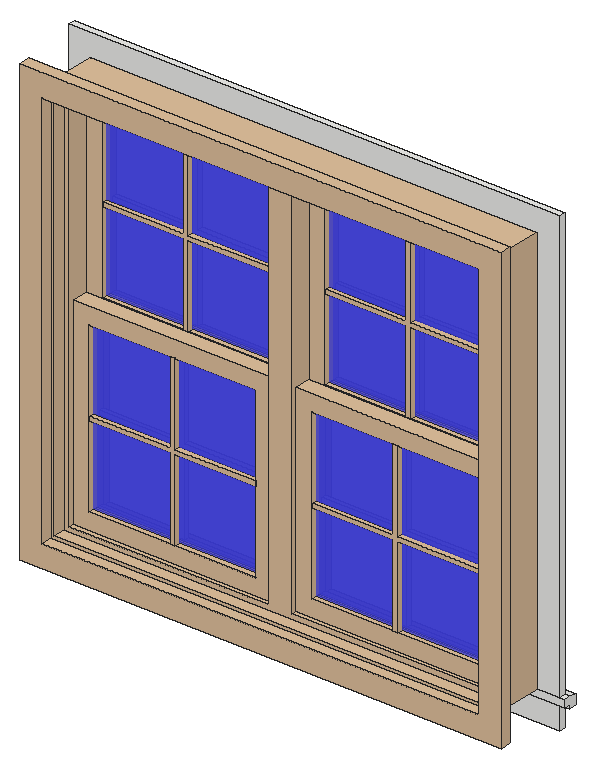
Revit family "M_Janela-única-suspensa-dupla", category Janelas, Revit 2019
Family settings
  Hospedeiro = Parede
  Número OmniClass = 23.30.20.17.17.14
  Título OmniClass = Double-Hung Windows
  Sempre na vertical = Sim
  Corte com vazios quando carregada = Não
  Compartilhado = Não
  Ponto de cálculo do ambiente = Não
Parameters (values of type "1200 x 1100mm")
  Espessura da parede [instance] = 150 mm
  Janela aplicada [instance] = 0 mm
  Visual Light Transmittance = 0.81
  Visibilidade do montante superior = yes
  Resistência térmica (R) = 0.319569 (m²·K)/W
  Solar Heat Gain Coefficient = 0.76
  Largura do montante = 0.5 * (Largura - 152.4 mm - 149.225 mm)  # 449.188 mm
  Padrão do montante = M_Padrão do montante_2x2 : M_Padrão do montante_2x2
  Altura do montante = 0.5 * (Altura - 152.4 mm - 44.45 mm)  # 451.575 mm
  Fechamento da parede interior [instance] = 35.7 mm
  Recorte interior = M_Moldura-janela-interior-plana : Quadro
  Largura bruta = Largura + 15 mm  # 1215 mm
  Altura bruta = Altura + 15 mm  # 1115 mm
  Material da apara interior = Madeira – Manchada
  Visibilidade do indicador [instance] = yes
  Extensão do quadro [instance] = if(Visibilidade da apara externa, Janela aplicada + 31.75 mm, 31.75 mm)  # 31.75 mm
  Classificação de incêndio = "0.5h"
  Fechamento da parede externa [instance] = 12.7 mm
  Material da apara externa = Revestimento – Branco
  Visibilidade do umbral da extensão [instance] = and(Visibilidade do recorte interior, Espessura da parede - Janela aplicada > 114.3 mm)  # yes
  Visibilidade do recorte interior [instance] = yes
  Visibilidade da apara externa [instance] = yes
  Apara externa = M_Recorte-Janela-Exterior-Plana : com peitoril
  Umbral da extensão [instance] = if(Espessura da parede - Janela aplicada > 114.3 mm, Espessura da parede - Janela aplicada - 114.3 mm, 25.4 mm)  # 35.7 mm
  ID do tipo de construção = "DG-DR"
  Coeficiente de transferência de calor (U) = 3.12929 W/(m²·K)
  Visibilidade do montante inferior = yes
  Código de montagem = "B2020100"
  Material do painel de vidro = Vidro
  Altura = 1100 mm
  Material da moldura exterior = Revestimento – Branco
  Material da moldura interior = Madeira – Manchada
  Fechamento da parede = Por hospedeiro
  Largura = 1200 mm
  Construção analítica = "Vidraça dupla – residencial"
Reference planes
  plane 1 "Centro (Frente/Trás)": y = 0
  plane 2: z = 0
  plane 3 "Centro (Esquerda/Direita)": x = 0
  plane 4 "Esquerda": x = -600
  plane 5 "Direita": x = 600
  plane 6 "Peitoril": z = 914.4
  plane 7 "Superior": z = 2014.4
  plane 8 "Face da parede": y = 75
  plane 9: y = -75
  plane 10 "Meio": z = 1464.4
  plane 11: z = 1982.65
  plane 12: z = 946.15
  plane 13: x = 568.25
  plane 14: x = -568.25
  plane 15: x = 523.8
  plane 16: x = -523.8
  plane 17: z = 990.6
  plane 18: z = 1938.2
  plane 19 "Fechamento da parede": y = -39.3
  plane 20: z = 1998.525
  plane 21 "Face do quadro": y = 94.05
  plane 22 "Caixilho 2": y = -26.6
  plane 23 "Face do caixilho 1": y = 62.3
  plane 24 "Inset Face": y = 75
  plane 25 "Caixilho 1": y = 17.85
  plane 26 "Vidro 1": y = 40.075
  plane 27: z = 1486.625
  plane 28: z = 1442.175
  plane 29 "Vidro 2": y = -4.375
  plane 30: y = -39.3
  plane 31: x = -30.163
  plane 32: x = 30.162
  plane 33: x = 299.206
  plane 34: x = -299.206
  plane 35: z = 1216.387
  plane 36: x = -74.613
  plane 37: x = 74.612
  plane 38: z = 1712.412
  plane 39: y = -39.3
  plane 40: y = 62.3
  plane 41: y = 94.05
Forms (mm)
  Extrusion 1, solid, material "Madeira – Manchada" <- "Material da moldura interior", visible <- "Visibilidade do umbral da extensão"
    sketch origin (0, -6.35, 0) x (-1, 0, 0) y (0, 0, 1)
      loop
        line (600, 2014.4) -> (-600, 2014.4) -> (-600, 914.4) -> (600, 914.4) -> (600, 2014.4)
      loop
        line (580.95, 1995.35) -> (-580.95, 1995.35) -> (-580.95, 933.45) -> (580.95, 933.45) -> (580.95, 1995.35)
    from -68.65 to -32.95
  Sweep 2, solid, material "Madeira – Manchada" <- "Material da moldura interior"
    path origin (0, 62.3, 0) x (-1, 0, 0) y (0, 0, 1)
      loop
        line (-600, 914.4) -> (600, 914.4) -> (600, 2014.4) -> (-600, 2014.4) -> (-600, 914.4)
    profile origin (600, 62.3, 1464.4) x (1, 0, 0) y (0, 1, 0)
      loop
        line (-31.75, 31.75) -> (-31.75, -101.6) -> (0, -101.6) -> (0, 31.75) -> (-31.75, 31.75)
  Sweep 3, solid, material "Madeira – Manchada" <- "Material da moldura interior"
    path origin (0, 62.3, 0) x (-1, 0, 0) y (0, 0, 1)
      loop
        line (-568.25, 1442.175) -> (-30.162, 1442.175) -> (-30.162, 1982.65) -> (-568.25, 1982.65) -> (-568.25, 1442.175)
    profile origin (568.25, 62.3, 1712.412) x (1, 0, 0) y (0, 1, 0)
      loop
        line (0, 0) -> (-44.45, 0) -> (-44.45, -44.45) -> (0, -44.45) -> (0, 0)
  Sweep 4, solid, material "Madeira – Manchada" <- "Material da moldura interior"
    path origin (0, 17.85, 0) x (-1, 0, 0) y (0, 0, 1)
      loop
        line (-568.25, 946.15) -> (-30.162, 946.15) -> (-30.162, 1486.625) -> (-568.25, 1486.625) -> (-568.25, 946.15)
    profile origin (568.25, 17.85, 1216.387) x (1, 0, 0) y (0, 1, 0)
      loop
        line (0, 0) -> (-44.45, 0) -> (-44.45, -44.45) -> (0, -44.45) -> (0, 0)
  Extrusion 5, solid, material "Vidro" <- "Material do painel de vidro"
    sketch origin (0, 0, 914.4) x (0, -1, 0) y (1, 0, 0)
      loop
        line (-49.6, 74.612) -> (-43.25, 74.612) -> (-43.25, 523.8) -> (-49.6, 523.8) -> (-49.6, 74.612)
      loop
        line (-36.9, 523.8) -> (-36.9, 74.612) -> (-30.55, 74.612) -> (-30.55, 523.8) -> (-36.9, 523.8)
    from 572.225 to 1023.8
  Extrusion 6, solid, material "Vidro" <- "Material do painel de vidro"
    sketch origin (0, 0, 0) x (1, 0, 0) y (0, 1, 0)
      loop
        line (74.612, 5.15) -> (74.612, -1.2) -> (523.8, -1.2) -> (523.8, 5.15) -> (74.612, 5.15)
      loop
        line (523.8, -7.55) -> (74.612, -7.55) -> (74.612, -13.9) -> (523.8, -13.9) -> (523.8, -7.55)
    from 990.6 to 1442.175
  Extrusion 7, solid, material "Madeira – Manchada" <- "Material da moldura interior"
    sketch origin (0, 0, 0) x (1, 0, 0) y (0, 1, 0)
      loop
        line (-30.163, 94.05) -> (-30.163, -39.3) -> (30.162, -39.3) -> (30.162, 94.05) -> (-30.163, 94.05)
    from 946.15 to 1982.65
  Sweep 8, solid, material "Madeira – Manchada" <- "Material da moldura interior"
    path origin (0, 62.3, 0) x (1, 0, 0) y (0, 0, 1)
      loop
        line (-568.25, 1442.175) -> (-30.162, 1442.175) -> (-30.162, 1982.65) -> (-568.25, 1982.65) -> (-568.25, 1442.175)
    profile origin (-568.25, 62.3, 1712.412) x (1, 0, 0) y (0, 1, 0)
      loop
        line (0, 0) -> (0, -44.45) -> (44.45, -44.45) -> (44.45, 0) -> (0, 0)
  Sweep 9, solid, material "Madeira – Manchada" <- "Material da moldura interior"
    path origin (0, 17.85, 0) x (1, 0, 0) y (0, 0, 1)
      loop
        line (-568.25, 946.15) -> (-30.162, 946.15) -> (-30.162, 1486.625) -> (-568.25, 1486.625) -> (-568.25, 946.15)
    profile origin (-568.25, 17.85, 1216.387) x (1, 0, 0) y (0, 1, 0)
      loop
        line (0, 0) -> (0, -44.45) -> (44.45, -44.45) -> (44.45, 0) -> (0, 0)
  Extrusion 10, solid, material "Vidro" <- "Material do painel de vidro"
    sketch origin (0, 0, 914.4) x (0, -1, 0) y (1, 0, 0)
      loop
        line (-49.6, -74.612) -> (-49.6, -523.8) -> (-43.25, -523.8) -> (-43.25, -74.612) -> (-49.6, -74.612)
      loop
        line (-36.9, -523.8) -> (-30.55, -523.8) -> (-30.55, -74.612) -> (-36.9, -74.612) -> (-36.9, -523.8)
    from 572.225 to 1023.8
  Extrusion 11, solid, material "Vidro" <- "Material do painel de vidro"
    sketch origin (0, 0, 0) x (-1, 0, 0) y (0, -1, 0)
      loop
        line (74.612, -5.15) -> (523.8, -5.15) -> (523.8, 1.2) -> (74.612, 1.2) -> (74.612, -5.15)
      loop
        line (523.8, 7.55) -> (523.8, 13.9) -> (74.612, 13.9) -> (74.612, 7.55) -> (523.8, 7.55)
    from 990.6 to 1442.175
Cuts and joins
  joined: Sweep 2, Extrusion 7
Lines and regions (mm)
  Opening 1
    outline origin (-1524, -75, 0) x (1, 0, 0) y (0, 0, 1)
      loop
        line (2124, 2014.4) -> (924, 2014.4) -> (924, 914.4) -> (2124, 914.4) -> (2124, 2014.4)
  Split face 1
    outline origin (74.612, -26.6, 990.6) x (1, 0, 0) y (0, 1, 0)
      loop
        line (0, 25.4) -> (449.187, 25.4)
  Split face 2
    outline origin (523.8, -26.6, 990.6) x (0, 0, 1) y (0, 1, 0)
      loop
        line (0, 25.4) -> (451.575, 25.4)
  Split face 3
    outline origin (74.612, -26.6, 1442.175) x (0, 0, -1) y (0, 1, 0)
      loop
        line (451.575, 25.4) -> (0, 25.4)
  Split face 4
    outline origin (523.8, -26.6, 1442.175) x (0, 1, 0) y (-1, 0, 0)
      loop
        line (25.4, 0) -> (25.4, 449.187)
  Split face 5
    outline origin (74.612, 17.85, 1486.625) x (1, 0, 0) y (0, 1, 0)
      loop
        line (449.187, 19.05) -> (0, 19.05)
  Split face 6
    outline origin (74.612, 17.85, 1486.625) x (1, 0, 0) y (0, 1, 0)
      loop
        line (449.187, 25.4) -> (0, 25.4)
  Split face 7
    outline origin (523.8, 17.85, 1486.625) x (0, 0, 1) y (0, 1, 0)
      loop
        line (0, 25.4) -> (451.575, 25.4)
  Split face 8
    outline origin (74.612, 17.85, 1938.2) x (0, 0, -1) y (0, 1, 0)
      loop
        line (451.575, 25.4) -> (0, 25.4)
  Split face 9
    outline origin (523.8, 17.85, 1938.2) x (0, 1, 0) y (-1, 0, 0)
      loop
        line (25.4, 0) -> (25.4, 449.187)
  Split face 10
    outline origin (-74.613, 17.85, 990.6) x (-1, 0, 0) y (0, -1, 0)
      loop
        line (0, 19.05) -> (449.188, 19.05)
  Split face 11
    outline origin (-523.8, 17.85, 990.6) x (0, 0, 1) y (0, -1, 0)
      loop
        line (0, 19.05) -> (451.575, 19.05)
  Split face 12
    outline origin (-74.613, 17.85, 1442.175) x (0, 0, -1) y (0, -1, 0)
      loop
        line (451.575, 19.05) -> (0, 19.05)
  Split face 13
    outline origin (-523.8, 17.85, 1442.175) x (0, -1, 0) y (1, 0, 0)
      loop
        line (19.05, 0) -> (19.05, 449.188)
  Split face 14
    outline origin (-74.613, 62.3, 1486.625) x (-1, 0, 0) y (0, -1, 0)
      loop
        line (449.188, 25.4) -> (0, 25.4)
  Split face 15
    outline origin (-74.613, 62.3, 1486.625) x (-1, 0, 0) y (0, -1, 0)
      loop
        line (449.188, 19.05) -> (0, 19.05)
  Split face 16
    outline origin (-523.8, 62.3, 1486.625) x (0, 0, 1) y (0, -1, 0)
      loop
        line (0, 19.05) -> (451.575, 19.05)
  Split face 17
    outline origin (-74.613, 62.3, 1938.2) x (0, 0, -1) y (0, -1, 0)
      loop
        line (451.575, 19.05) -> (0, 19.05)
  Split face 18
    outline origin (-523.8, 62.3, 1938.2) x (0, -1, 0) y (1, 0, 0)
      loop
        line (19.05, 0) -> (19.05, 449.188)
  Split face 19
    outline origin (568.25, -39.3, 946.15) x (0, 0, 1) y (0, 1, 0)
      loop
        line (1036.5, 101.6) -> (496.025, 101.6) -> (496.025, 57.15) -> (0, 57.15)
  Split face 20
    outline origin (-30.163, 94.05, 1982.65) x (0, 0, -1) y (0, -1, 0)
      loop
        line (0, 31.75) -> (540.475, 31.75) -> (540.475, 76.2) -> (1036.5, 76.2)
  Split face 21
    outline origin (30.162, -39.3, 1982.65) x (0, 0, -1) y (0, 1, 0)
      loop
        line (0, 101.6) -> (540.475, 101.6) -> (540.475, 57.15) -> (1036.5, 57.15)
  Split face 22
    outline origin (-568.25, -39.3, 1982.65) x (0, 0, -1) y (0, 1, 0)
      loop
        line (0, 101.6) -> (540.475, 101.6) -> (540.475, 57.15) -> (1036.5, 57.15)
  Split face 23
    outline origin (-568.25, -39.3, 946.15) x (1, 0, 0) y (0, 1, 0)
      loop
        line (1136.5, 57.15) -> (598.412, 57.15)
      loop
        line (0, 57.15) -> (538.087, 57.15)
  Split face 24
    outline origin (568.25, -39.3, 1982.65) x (0, 1, 0) y (-1, 0, 0)
      loop
        line (101.6, 0) -> (101.6, 538.087)
      loop
        line (101.6, 598.412) -> (101.6, 1136.5)
Text (mm)
  text "EXTERIOR" at (-1490.695, 772.553, 0), in view "Nível de referência"
  text "INTERIOR" at (-1490.695, -719.509, 0), in view "Nível de referência"
  text "Exterior" at (0, 1108.87, 3415.022), in view "Esquerda"
  text "Exterior" at (0, 464.664, 3176.206), in view "Direita"
Dimensions and locks
  equal spacing: plane 4 "Esquerda", plane 3 "Centro (Esquerda/Direita)", plane 5 "Direita"
  "Largura": plane 4 "Esquerda" to plane 5 "Direita"
  equal spacing: plane 6 "Peitoril", plane 10 "Meio", plane 7 "Superior"
  "Altura": plane 7 "Superior" to plane 6 "Peitoril"
  locked: plane 5 "Direita" to plane 13 at 31.75
  locked: plane 14 to plane 4 "Esquerda" at 31.75
  locked: plane 11 to plane 7 "Superior" at 31.75
  locked: plane 6 "Peitoril" to plane 12 at 31.75
  locked: plane 15 to plane 13 at 44.45
  locked: plane 14 to plane 16 at 44.45
  locked: plane 18 to plane 11 at 44.45
  locked: plane 12 to plane 17 at 44.45
  "Espessura da parede": host wall to host wall
  locked: plane 7 "Superior" to plane 20 at 15.875
  locked: plane 21 "Face do quadro" to plane 8 "Face da parede" at 19.05
  locked: plane 23 "Face do caixilho 1" to plane 25 "Caixilho 1" at 44.45
  locked: plane 25 "Caixilho 1" to plane 22 "Caixilho 2" at 44.45
  equal spacing: plane 23 "Face do caixilho 1", plane 26 "Vidro 1", plane 25 "Caixilho 1"
  equal spacing: plane 28, plane 10 "Meio", plane 27
  locked: plane 28 to plane 27 at 44.45
  locked: Extrusion 5 sketch curve to Extrusion 5 sketch curve at 6.35  (x3)
  equal spacing: Extrusion 5 sketch curve, plane 26 "Vidro 1", Extrusion 5 sketch curve
  equal spacing: plane 25 "Caixilho 1", plane 29 "Vidro 2", plane 22 "Caixilho 2"
  locked: Extrusion 6 sketch curve to Extrusion 6 sketch curve at 6.35  (x3)
  equal spacing: Extrusion 6 sketch curve, plane 29 "Vidro 2", Extrusion 6 sketch curve
  locked: plane 22 "Caixilho 2" to plane 30 at 12.7
  "Umbral da extensão": plane 19 "Fechamento da parede" to host wall
  equal spacing: plane 31, plane 3 "Centro (Esquerda/Direita)", plane 32
  locked: plane 31 to plane 32 at 60.325
  locked: Extrusion 10 sketch curve to Extrusion 10 sketch curve at 6.35  (x2)
  Extrusion 10 sketch curve to Extrusion 10 sketch curve = 6.35 mm
  locked: Extrusion 11 sketch curve to Extrusion 11 sketch curve at 6.35  (x3)
  Extrusion 11 sketch curve to Extrusion 11 sketch curve = 6.35 mm
  equal spacing: Extrusion 10 sketch curve, plane 26 "Vidro 1", Extrusion 10 sketch curve
  equal spacing: Extrusion 11 sketch curve, plane 29 "Vidro 2", Split face 13
  locked: Extrusion 1 sketch curve to plane 7 "Superior" at 19.05
  locked: Extrusion 1 sketch curve to plane 5 "Direita" at 19.05
  locked: plane 6 "Peitoril" to Extrusion 1 sketch curve at 19.05
  locked: plane 4 "Esquerda" to Extrusion 1 sketch curve at 19.05
  "Janela aplicada": plane 8 "Face da parede" to plane 24 "Inset Face"
  locked: plane 24 "Inset Face" to plane 23 "Face do caixilho 1" at 12.7
  equal spacing: plane 13, plane 33, plane 32
  equal spacing: plane 31, plane 34, plane 14
  equal spacing: plane 17, plane 35, plane 28
  locked: plane 31 to plane 36 at 44.45
  locked: plane 37 to plane 32 at 44.45
  equal spacing: plane 18, plane 38, plane 27
  "Fechamento da parede interior": plane 39 to plane 9
  "Fechamento da parede externa": plane 8 "Face da parede" to plane 40
  "Extensão do quadro": plane 41 to plane 23 "Face do caixilho 1"
  aligned and locked: plane 9 to host wall
  aligned and locked: host wall to plane 8 "Face da parede"
  aligned and locked: Opening 1 sketch curve to plane 4 "Esquerda"
  aligned and locked: Opening 1 sketch curve to plane 7 "Superior"
  aligned and locked: plane 5 "Direita" to Opening 1 sketch curve
  aligned and locked: Opening 1 sketch curve to plane 6 "Peitoril"
  aligned and locked: Extrusion 1 sketch curve to plane 7 "Superior"
  aligned and locked: Extrusion 1 sketch curve to plane 4 "Esquerda"
  aligned and locked: plane 5 "Direita" to Extrusion 1 sketch curve
  aligned and locked: Extrusion 1 sketch curve to plane 6 "Peitoril"
  aligned and locked: Extrusion 1 to plane 19 "Fechamento da parede"
  aligned and locked: Sweep 2 sketch curve to host wall  (x3)
  aligned and locked: plane 5 "Direita" to Sweep 2 sketch curve
  aligned and locked: plane 13 to Sweep 2 sketch curve
  aligned and locked: Sweep 3 sketch curve to plane 13
  aligned and locked: Sweep 3 sketch curve to plane 11
  aligned and locked: Sweep 3 sketch curve to plane 25 "Caixilho 1"
  aligned and locked: plane 28 to Sweep 3 sketch curve
  aligned and locked: Sweep 4 sketch curve to plane 27
  aligned and locked: Sweep 4 sketch curve to plane 13
  aligned and locked: plane 12 to Sweep 4 sketch curve
  aligned and locked: profile plane to Sweep 4 sketch curve
  aligned and locked: Sweep 4 sketch curve to profile plane
  aligned and locked: Sweep 4 sketch curve to plane 22 "Caixilho 2"
  aligned and locked: plane 15 to Sweep 4 sketch curve
  aligned and locked: plane 18 to Extrusion 5
  aligned and locked: plane 15 to Extrusion 6 sketch curve
  aligned and locked: Extrusion 6 sketch curve to plane 15
  aligned and locked: plane 17 to Extrusion 6
  aligned and locked: plane 28 to Extrusion 6
  aligned and locked: Extrusion 6 to Split face 1 sketch curve
  aligned and locked: Split face 2 sketch curve to Extrusion 6
  aligned and locked: Split face 3 sketch curve to Extrusion 6
  aligned and locked: Split face 4 sketch curve to Extrusion 6
  aligned and locked: plane 15 to Sweep 3 sketch curve
  aligned and locked: Extrusion 5 to plane 27
  aligned and locked: plane 15 to Extrusion 5 sketch curve
  aligned and locked: Extrusion 5 sketch curve to plane 15
  aligned and locked: Split face 6 sketch curve to Extrusion 5
  aligned and locked: Split face 7 sketch curve to Extrusion 5
  aligned and locked: Split face 8 sketch curve to Extrusion 5
  aligned and locked: Split face 9 sketch curve to Extrusion 5
  aligned and locked: Sweep 2 sketch curve to plane 30
  aligned and locked: Extrusion 1 to plane 9
  aligned and locked: nested 1 to plane 26 "Vidro 1"
  aligned and locked: nested 2 to plane 29 "Vidro 2"
  aligned and locked: nested 3 to plane 8 "Face da parede"
  aligned and locked: nested 3 to plane 4 "Esquerda"
  aligned and locked: nested 3 to plane 5 "Direita"
  aligned and locked: Extrusion 7 sketch curve to plane 31
  aligned and locked: plane 32 to Extrusion 7 sketch curve
  aligned and locked: plane 32 to Sweep 3 sketch curve
  aligned and locked: plane 32 to Sweep 4 sketch curve
  aligned and locked: Sweep 9 sketch curve to profile plane
  aligned and locked: Sweep 8 sketch curve to plane 28
  aligned and locked: plane 31 to Sweep 8 sketch curve
  aligned and locked: plane 11 to Sweep 8 sketch curve
  aligned and locked: Sweep 8 sketch curve to plane 14
  aligned and locked: plane 16 to Sweep 8 sketch curve
  aligned and locked: plane 14 to Sweep 8 sketch curve
  aligned and locked: Sweep 8 sketch curve to plane 23 "Face do caixilho 1"
  aligned and locked: plane 25 "Caixilho 1" to Sweep 8 sketch curve
  aligned and locked: plane 31 to Sweep 9 sketch curve
  aligned and locked: Sweep 9 sketch curve to plane 14
  aligned and locked: Sweep 9 sketch curve to plane 12
  aligned and locked: plane 27 to Sweep 9 sketch curve
  aligned and locked: plane 16 to Sweep 9 sketch curve
  aligned and locked: Sweep 9 sketch curve to Sweep 8
  aligned and locked: plane 22 "Caixilho 2" to Sweep 9 sketch curve
  aligned and locked: plane 16 to Extrusion 10 sketch curve
  aligned and locked: Extrusion 10 sketch curve to plane 16
  aligned and locked: plane 16 to Extrusion 11 sketch curve
  aligned and locked: Extrusion 11 sketch curve to plane 16
  aligned and locked: plane 26 "Vidro 1" to nested 4
  aligned and locked: plane 29 "Vidro 2" to nested 5
  aligned and locked: Extrusion 10 to plane 18
  aligned and locked: Extrusion 10 to plane 27
  aligned and locked: plane 17 to Extrusion 11
  aligned and locked: plane 28 to Extrusion 11
  aligned and locked: Extrusion 7 sketch curve to plane 30
  aligned and locked: Extrusion 10 sketch curve to Sweep 8
  aligned and locked: Sweep 8 to Extrusion 10 sketch curve
  aligned and locked: Sweep 3 to Extrusion 5 sketch curve
  aligned and locked: Extrusion 5 sketch curve to Sweep 3
  aligned and locked: Sweep 4 to Extrusion 6 sketch curve
  aligned and locked: Extrusion 6 sketch curve to Sweep 4
  aligned and locked: Extrusion 11 sketch curve to Sweep 9
  aligned and locked: Sweep 9 to Extrusion 11 sketch curve
  aligned and locked: plane 11 to cut or joined group of Sweep 2, Extrusion 7
  aligned and locked: cut or joined group of Sweep 2, Extrusion 7 to plane 12
  aligned and locked: plane 23 "Face do caixilho 1" to Split face 19 sketch curve
  aligned and locked: Split face 19 sketch curve to plane 28
  aligned and locked: plane 25 "Caixilho 1" to Split face 19 sketch curve
  aligned and locked: plane 25 "Caixilho 1" to Split face 20 sketch curve
  aligned and locked: Split face 20 sketch curve to plane 28
  aligned and locked: plane 23 "Face do caixilho 1" to Split face 20 sketch curve
  aligned and locked: Split face 21 sketch curve to plane 25 "Caixilho 1"
  aligned and locked: plane 28 to Split face 21 sketch curve
  aligned and locked: Split face 21 sketch curve to plane 23 "Face do caixilho 1"
  aligned and locked: Split face 22 sketch curve to plane 25 "Caixilho 1"
  aligned and locked: plane 28 to Split face 22 sketch curve
  aligned and locked: Split face 22 sketch curve to plane 23 "Face do caixilho 1"
  aligned and locked: Split face 23 sketch curve to plane 25 "Caixilho 1"  (x2)
  aligned and locked: plane 23 "Face do caixilho 1" to Split face 24 sketch curve
  aligned and locked: Split face 24 sketch curve to plane 23 "Face do caixilho 1"
  aligned and locked: plane 33 to nested 6
  aligned and locked: plane 35 to nested 6
  aligned and locked: plane 34 to nested 7
  aligned and locked: plane 35 to nested 7
  aligned and locked: nested 3 to plane 7 "Superior"
  aligned and locked: nested 4 to plane 27
  aligned and locked: plane 27 to nested 1
  aligned and locked: nested 2 to plane 17
  aligned and locked: plane 17 to nested 5
  aligned and locked: plane 28 to nested 2
  aligned and locked: nested 2 to plane 15
  aligned and locked: plane 37 to nested 2
  aligned and locked: nested 5 to plane 28
  aligned and locked: plane 36 to nested 5
  aligned and locked: nested 5 to plane 16
  aligned and locked: nested 4 to plane 18
  aligned and locked: plane 36 to nested 4
  aligned and locked: nested 4 to plane 16
  aligned and locked: plane 18 to nested 1
  aligned and locked: plane 37 to nested 1
  aligned and locked: nested 1 to plane 15
  aligned and locked: nested 9 to plane 7 "Superior"
  aligned and locked: plane 3 "Centro (Esquerda/Direita)" to nested 9
  aligned and locked: nested 8 to plane 7 "Superior"
  aligned and locked: nested 8 to plane 3 "Centro (Esquerda/Direita)"
  aligned and locked: Sweep 2 sketch curve to plane 41
  aligned and locked: plane 41 to Extrusion 7 sketch curve
Automatic sketch dimensions
  Sweep 3 sketch curve to profile plane = 0 mm
  plane 23 "Face do caixilho 1" to Sweep 3 sketch curve = 0 mm
  Split face 1 sketch curve to Sweep 4 = 0 mm  (x2)
  Split face 2 sketch curve to Sweep 4 = 0 mm
  Sweep 4 to Split face 2 sketch curve = 0 mm
  Sweep 4 to Split face 3 sketch curve = 0 mm
  Split face 3 sketch curve to Sweep 4 = 0 mm
  Split face 4 sketch curve to Sweep 4 = 0 mm  (x2)
  Split face 5 sketch curve to Sweep 3 = 0 mm  (x2)
  Split face 5 sketch curve to Sweep 3 = 19.05 mm
  Split face 6 sketch curve to Sweep 3 = 0 mm  (x2)
  Split face 7 sketch curve to Sweep 3 = 0 mm
  Sweep 3 to Split face 7 sketch curve = 0 mm
  Sweep 3 to Split face 8 sketch curve = 0 mm
  Split face 8 sketch curve to Sweep 3 = 0 mm
  Split face 9 sketch curve to Sweep 3 = 0 mm  (x2)
  Split face 10 sketch curve to Sweep 9 = 0 mm  (x2)
  Split face 10 sketch curve to Sweep 9 = 19.05 mm
  Split face 11 sketch curve to Sweep 9 = 0 mm
  Sweep 9 to Split face 11 sketch curve = 0 mm
  Split face 11 sketch curve to Sweep 9 = 19.05 mm
  Sweep 9 to Split face 12 sketch curve = 0 mm
  Split face 12 sketch curve to Sweep 9 = 0 mm
  Split face 12 sketch curve to Sweep 9 = 19.05 mm
  Split face 13 sketch curve to Sweep 9 = 0 mm  (x2)
  Split face 13 sketch curve to Sweep 9 = 19.05 mm
  Split face 14 sketch curve to Sweep 8 = 0 mm  (x2)
  Split face 14 sketch curve to Sweep 8 = 19.05 mm
  Split face 15 sketch curve to Sweep 8 = 0 mm  (x2)
  Split face 15 sketch curve to Sweep 8 = 19.05 mm
  Split face 16 sketch curve to Sweep 8 = 0 mm
  Sweep 8 to Split face 16 sketch curve = 0 mm
  Split face 16 sketch curve to Sweep 8 = 19.05 mm
  Sweep 8 to Split face 17 sketch curve = 0 mm
  Split face 17 sketch curve to Sweep 8 = 0 mm
  Split face 17 sketch curve to Sweep 8 = 19.05 mm
  Split face 18 sketch curve to Sweep 8 = 0 mm  (x2)
  Split face 18 sketch curve to Sweep 8 = 19.05 mm
  Extrusion 10 sketch curve to plane 26 "Vidro 1" = 3.175 mm
  Split face 19 sketch curve to cut or joined group of Sweep 2, Extrusion 7 = 0 mm
  cut or joined group of Sweep 2, Extrusion 7 to Split face 19 sketch curve = 0 mm
  cut or joined group of Sweep 2, Extrusion 7 to Split face 20 sketch curve = 0 mm
  Split face 20 sketch curve to cut or joined group of Sweep 2, Extrusion 7 = 0 mm
  cut or joined group of Sweep 2, Extrusion 7 to Split face 21 sketch curve = 0 mm
  Split face 21 sketch curve to cut or joined group of Sweep 2, Extrusion 7 = 0 mm
  cut or joined group of Sweep 2, Extrusion 7 to Split face 22 sketch curve = 0 mm
  Split face 22 sketch curve to cut or joined group of Sweep 2, Extrusion 7 = 0 mm
  Split face 23 sketch curve to cut or joined group of Sweep 2, Extrusion 7 = 0 mm  (x4)
  Split face 24 sketch curve to cut or joined group of Sweep 2, Extrusion 7 = 0 mm  (x4)
  Sweep 2 sketch curve to plane 7 "Superior" = 0 mm
Nested families
  nested 1: "M_Padrão do montante_2x2" at (299.206, 40.075, 1486.625), Material externo <- "Material da moldura exterior", Material interior <- "Material da moldura interior", type <- "Padrão do montante", visible <- "Visibilidade do montante superior", type "M_Padrão do montante_2x2"
    with Largura 449.187 mm, Material interior Madeira – Manchada, Altura 451.575 mm, Material externo Revestimento – Branco
  nested 2: "M_Padrão do montante_2x2" at (299.206, -4.375, 990.6), Material externo <- "Material da moldura exterior", Material interior <- "Material da moldura interior", type <- "Padrão do montante", visible <- "Visibilidade do montante inferior", type "M_Padrão do montante_2x2"
    with Largura 449.187 mm, Material interior Madeira – Manchada, Altura 451.575 mm, Material externo Revestimento – Branco
  nested 3: "M_Plano-único-suspenso-duplo" at (0, 75, 914.4), Janela aplicada <- "Janela aplicada", Largura <- "Largura", Altura <- "Altura", Espessura da parede <- "Espessura da parede", type "M_Plano-único-suspenso-duplo"
    with Janela aplicada de 3D 12.7 mm, Janela aplicada 0 mm, Largura 1200 mm, Espessura da parede 150 mm, Altura 1100 mm
  nested 4: "M_Padrão do montante_2x2" at (-299.206, 40.075, 1486.625) x (-1, 0, 0) z (0, 0, 1), Material externo <- "Material da moldura exterior", Material interior <- "Material da moldura interior", type <- "Padrão do montante", visible <- "Visibilidade do montante superior", type "M_Padrão do montante_2x2"
    with Largura 449.188 mm, Material interior Madeira – Manchada, Altura 451.575 mm, Material externo Revestimento – Branco
  nested 5: "M_Padrão do montante_2x2" at (-299.206, -4.375, 990.6) x (-1, 0, 0) z (0, 0, 1), Material externo <- "Material da moldura exterior", Material interior <- "Material da moldura interior", type <- "Padrão do montante", visible <- "Visibilidade do montante inferior", type "M_Padrão do montante_2x2"
    with Largura 449.188 mm, Material interior Madeira – Manchada, Altura 451.575 mm, Material externo Revestimento – Branco
  nested 6: "M_Seta preenchida" at (299.206, 17.85, 1216.387) x (0, 0, 1) z (0, 1, 0), visible <- "Visibilidade do indicador", type "M_Seta preenchida"
  nested 7: "M_Seta preenchida" at (-299.206, 17.85, 1216.387) x (0, 0, 1) z (0, 1, 0), visible <- "Visibilidade do indicador", type "M_Seta preenchida"
  nested 8: "M_Recorte-Janela-Exterior-Plana" at (0, 75, 2014.4) x (-1, 0, 0) z (0, 1, 0), visible <- "Visibilidade da apara externa", Material da apara <- "Material da apara externa", Largura da abertura <- "Largura", Altura da abertura <- "Altura", type <- "Apara externa", type "com peitoril"
    with Material da apara Revestimento – Branco, Largura da abertura 1200 mm, Altura da abertura 1100 mm
  nested 9: "M_Moldura-janela-interior-plana" at (0, -75, 2014.4) x (1, 0, 0) z (0, -1, 0), visible <- "Visibilidade do recorte interior", Material da apara <- "Material da apara interior", Largura da abertura <- "Largura", Altura da abertura <- "Altura", type <- "Recorte interior", type "Quadro"
    with Material da apara Madeira – Manchada, Largura da abertura 1200 mm, Altura da abertura 1100 mm
Definition of nested family "M_Padrão do montante_2x2"
  Parameters (values of type "M_Padrão do montante_2x2")
    Largura [instance] = 1200 mm
    Espessura = 12.7 mm
    Altura [instance] = 1200 mm
    Material interior [instance] = none
    Material externo [instance] = none
    Distância = 19.05 mm
  Reference planes
    plane 1 "Centro (Frente/Trás)": y = 0
    plane 2: z = 0
    plane 3 "Centro (Esquerda/Direita)": x = 0
    plane 4: z = 1200
    plane 5: x = -600
    plane 6: x = 600
    plane 7: z = 600
    plane 8: y = 9.525
    plane 9: y = 22.225
    plane 10: y = -9.525
    plane 11: y = -22.225
  Forms (mm)
    Extrusion 1, solid, material <- "Material interior", detail levels fine
      sketch origin (0, 0, 0) x (1, 0, 0) y (0, 0, 1)
        loop
          line (-600, 606.35) -> (-600, 593.65) -> (-6.35, 593.65) -> (-6.35, 0) -> (6.35, 0) -> (6.35, 593.65) -> (600, 593.65) -> (600, 606.35) -> (6.35, 606.35) -> (6.35, 1200) -> (-6.35, 1200) -> (-6.35, 606.35) -> (-600, 606.35)
      from 9.525 to 22.225
    Extrusion 2, solid, material <- "Material externo", detail levels fine
      sketch origin (0, 0, 0) x (1, 0, 0) y (0, 0, -1)
        loop
          line (-600, -606.35) -> (-6.35, -606.35) -> (-6.35, -1200) -> (6.35, -1200) -> (6.35, -606.35) -> (600, -606.35) -> (600, -593.65) -> (6.35, -593.65) -> (6.35, 0) -> (-6.35, 0) -> (-6.35, -593.65) -> (-600, -593.65) -> (-600, -606.35)
      from 9.525 to 22.225
  Lines and regions (mm)
    model lines, detail levels medium
      curve 1: line (0, 9.525, 1200) -> (0, 9.525, 0)
      curve 2: line (-600, -9.525, 600) -> (600, -9.525, 600)
      curve 3: line (-600, 9.525, 600) -> (600, 9.525, 600)
      curve 4: line (0, -9.525, 1200) -> (0, -9.525, 0)
  Dimensions and locks
    equal spacing: plane 6, plane 3 "Centro (Esquerda/Direita)", plane 5
    "Largura": plane 6 to plane 5
    "Altura": plane 4 to plane 2
    equal spacing: plane 4, plane 7, plane 2
    locked: plane 3 "Centro (Esquerda/Direita)" to Extrusion 1 sketch curve at 6.35  (x4)
    locked: Extrusion 1 sketch curve to plane 7 at 6.35  (x2)
    locked: plane 7 to Extrusion 1 sketch curve at 6.35  (x2)
    "Espessura": plane 9 to plane 8
    "Espessura": plane 10 to plane 11
    "Distância": plane 8 to plane 10
    equal spacing: plane 8, plane 1 "Centro (Frente/Trás)", plane 10
    aligned and locked: plane 2 to level
    aligned and locked: plane 4 to curve 1
    aligned and locked: plane 5 to curve 2
    aligned and locked: plane 2 to curve 1
    aligned and locked: plane 6 to curve 2
    aligned and locked: Extrusion 1 sketch curve to plane 4
    aligned and locked: Extrusion 1 sketch curve to plane 6
    aligned and locked: Extrusion 1 sketch curve to plane 5
    aligned and locked: Extrusion 1 sketch curve to level
    aligned and locked: Extrusion 1 to plane 11
    aligned and locked: plane 10 to Extrusion 1
    aligned and locked: Extrusion 2 to plane 5
    aligned and locked: plane 6 to Extrusion 2
    aligned and locked: Extrusion 2 to plane 8
    aligned and locked: plane 9 to Extrusion 2
    aligned and locked: Extrusion 2 to plane 2
    aligned and locked: plane 4 to Extrusion 2
    aligned and locked: plane 5 to curve 3
    aligned and locked: plane 6 to curve 3
    aligned and locked: plane 4 to curve 4
    aligned and locked: plane 2 to curve 4
    aligned and locked: plane 8 to curve 3
  Automatic sketch dimensions
    curve 2 to plane 7 = 0 mm
    Extrusion 2 sketch curve to plane 5 = 0 mm
    Extrusion 2 sketch curve to level = 0 mm
    Extrusion 2 sketch curve to plane 4 = 0 mm
    Extrusion 2 sketch curve to plane 6 = 0 mm
    Extrusion 2 sketch curve to plane 3 "Centro (Esquerda/Direita)" = 6.35 mm  (x2)
    plane 3 "Centro (Esquerda/Direita)" to Extrusion 2 sketch curve = 6.35 mm  (x2)
    plane 7 to Extrusion 2 sketch curve = 6.35 mm  (x2)
    Extrusion 2 sketch curve to plane 7 = 6.35 mm  (x2)
    curve 4 to plane 3 "Centro (Esquerda/Direita)" = 0 mm
    curve 4 to level = 0 mm
    curve 4 to plane 4 = 0 mm
    curve 3 to plane 6 = 0 mm
    curve 1 to plane 3 "Centro (Esquerda/Direita)" = 0 mm
    curve 3 to plane 5 = 0 mm
    curve 3 to plane 7 = 0 mm
Definition of nested family "M_Recorte-Janela-Exterior-Plana"
  Parameters (values of type "com peitoril")
    Largura da apara = 60 mm
    Espessura da apara_Quadro = 30 mm
    Espessura da apara_com peitoril = 19.05 mm
    Material da apara [instance] = none
    Espessura do peitoril = 30 mm
    Peitoril = yes
    Quadro = no
    Largura da abertura [instance] = 600 mm
    Altura da abertura [instance] = 900 mm
    Default Elevation = 1200 mm
  Types (2, lengths in mm): name | Peitoril | Quadro
    com peitoril | yes | no
    Quadro | no | yes
  Reference planes
    plane 1 "Centro (Frente/Trás)": y = 0
    plane 2: z = 0
    plane 3 "Centro (Esquerda/Direita)": x = 0
    plane 4: y = 60
    plane 5 "Esquerda": x = -300
    plane 6 "Direita": x = 300
    plane 7 "Inferior": y = -900
    plane 8: y = -930
    plane 9: y = -980.432
    plane 10: x = 360
    plane 11: x = -360
    plane 12: z = 19.05
    plane 13: z = 30
    plane 14: x = 372.7
    plane 15: x = -372.7
    plane 16: y = -920.432
    plane 17: y = -960
    plane 18: z = 12.7
    plane 19: y = -450
    plane 20: z = 38.1
  Forms (mm)
    Extrusion 1, solid
      sketch origin (0, 0, 0) x (1, 0, 0) y (0, 1, 0)
        loop
          line (-361.95, 57.15) -> (-361.95, -993.732) -> (361.95, -993.732) -> (361.95, 57.15) -> (-361.95, 57.15)
      from 0 to -304.8
    Extrusion 2, solid, material <- "Material da apara", visible <- "Peitoril"
      sketch origin (0, 0, 0) x (1, 0, 0) y (0, 1, 0)
        loop
          line (-360, -900) -> (-300, -900) -> (-300, 0) -> (300, 0) -> (300, -900) -> (360, -900) -> (360, 60) -> (-360, 60) -> (-360, -900)
      from 0 to 19.05
    Extrusion 3, solid, material <- "Material da apara", visible <- "Peitoril"
      sketch origin (0, 0, 0) x (0, 1, 0) y (0, 0, 1)
        loop
          line (-902.458, 38.1) -> (-930, 38.1) -> (-930, 19.05) -> (-920.432, 19.05) -> (-920.432, 0) -> (-900, 0) -> (-900, 19.05) -> (-902.458, 38.1)
      from -372.7 to 372.7
    Extrusion 4, solid, material <- "Material da apara", visible <- "Peitoril"
      sketch origin (0, 0, 0) x (1, 0, 0) y (0, 1, 0)
        loop
          line (-360, -920.432) -> (-360, -980.432) -> (360, -980.432) -> (360, -920.432) -> (-360, -920.432)
      from 0 to 19.05
    Extrusion 5, solid, material <- "Material da apara", visible <- "Quadro"
      sketch origin (0, 0, 0) x (1, 0, 0) y (0, 1, 0)
        loop
          line (-300, 0) -> (-300, -900) -> (300, -900) -> (300, 0) -> (-300, 0)
        loop
          line (-360, 60) -> (-360, -960) -> (360, -960) -> (360, 60) -> (-360, 60)
      from 0 to 30
  Dimensions and locks
    equal spacing: plane 5 "Esquerda", plane 3 "Centro (Esquerda/Direita)", plane 6 "Direita"
    "Largura da abertura": plane 5 "Esquerda" to plane 6 "Direita"
    "Altura da abertura": plane 7 "Inferior" to plane 1 "Centro (Frente/Trás)"
    "Espessura do peitoril": plane 7 "Inferior" to plane 8
    "Largura da apara": plane 11 to plane 5 "Esquerda"
    "Largura da apara": plane 6 "Direita" to plane 10
    "Largura da apara": plane 1 "Centro (Frente/Trás)" to plane 4
    locked: plane 15 to plane 11 at 12.7
    locked: plane 10 to plane 14 at 12.7
    locked: plane 16 to plane 8 at 9.568
    "Largura da apara": plane 9 to plane 16
    "Largura da apara": plane 17 to plane 7 "Inferior"
    locked: plane 18 to plane 2 at 12.7
    equal spacing: plane 7 "Inferior", plane 19, plane 1 "Centro (Frente/Trás)"
    locked: plane 20 to plane 12 at 19.05
    "Espessura da apara_com peitoril": plane 12 to plane 2
    "Espessura da apara_Quadro": plane 13 to plane 2
    aligned and locked: plane 2 to Extrusion 1
    aligned and locked: level to Extrusion 1
    aligned and locked: Extrusion 2 sketch curve to plane 5 "Esquerda"
    aligned and locked: Extrusion 2 sketch curve to plane 11
    aligned and locked: plane 7 "Inferior" to Extrusion 2 sketch curve  (x2)
    aligned and locked: plane 1 "Centro (Frente/Trás)" to Extrusion 2 sketch curve
    aligned and locked: plane 10 to Extrusion 2 sketch curve
    aligned and locked: Extrusion 2 sketch curve to plane 6 "Direita"
    aligned and locked: plane 12 to Extrusion 2
    aligned and locked: Extrusion 3 sketch curve to level
    aligned and locked: plane 7 "Inferior" to Extrusion 3 sketch curve
    aligned and locked: Extrusion 3 sketch curve to plane 8
    aligned and locked: plane 15 to Extrusion 3
    aligned and locked: Extrusion 3 to plane 14
    aligned and locked: plane 10 to Extrusion 4 sketch curve
    aligned and locked: Extrusion 4 sketch curve to plane 11
    aligned and locked: plane 16 to Extrusion 4 sketch curve
    aligned and locked: plane 9 to Extrusion 4 sketch curve
    aligned and locked: Extrusion 4 to Extrusion 2
    aligned and locked: Extrusion 2 sketch curve to plane 4
    aligned and locked: plane 1 "Centro (Frente/Trás)" to Extrusion 5 sketch curve
    aligned and locked: Extrusion 5 sketch curve to plane 4
    aligned and locked: Extrusion 5 sketch curve to plane 17
    aligned and locked: plane 7 "Inferior" to Extrusion 5 sketch curve
    aligned and locked: Extrusion 5 sketch curve to plane 6 "Direita"
    aligned and locked: plane 10 to Extrusion 5 sketch curve
    aligned and locked: Extrusion 5 sketch curve to plane 5 "Esquerda"
    aligned and locked: Extrusion 5 sketch curve to plane 11
    aligned and locked: plane 13 to Extrusion 5
    aligned and locked: plane 20 to Extrusion 3
  Automatic sketch dimensions
    Extrusion 1 sketch curve to Extrusion 1 sketch curve = 723.9 mm
    Extrusion 1 sketch curve to Extrusion 1 sketch curve = 1050.882 mm
    Extrusion 3 sketch curve to plane 16 = 0 mm
    Extrusion 3 sketch curve to plane 12 = 0 mm  (x2)
    Extrusion 3 sketch curve to plane 7 "Inferior" = 2.458 mm
    plane 13 to Extrusion 3 sketch curve = 8.1 mm
Definition of nested family "M_Moldura-janela-interior-plana"
  Parameters (values of type "com peitoril")
    Espessura da apara_Quadro = 30 mm
    Largura da apara = 60 mm
    Espessura da apara_com peitoril = 20 mm
    Material da apara [instance] = none
    Espessura do peitoril = 30 mm
    Peitoril = yes
    Quadro = no
    Largura da abertura [instance] = 600 mm
    Altura da abertura [instance] = 900 mm
    Default Elevation = 1200 mm
  Types (2, lengths in mm): name | Peitoril | Quadro
    com peitoril | yes | no
    Quadro | no | yes
  Reference planes
    plane 1 "Centro (Frente/Trás)": y = 0
    plane 2: z = 0
    plane 3 "Centro (Esquerda/Direita)": x = 0
    plane 4: y = 47.3
    plane 5 "Esquerda": x = -300
    plane 6 "Direita": x = 300
    plane 7 "Inferior": y = -900
    plane 8: y = -930
    plane 9: y = -980.432
    plane 10: x = 347.3
    plane 11: x = -347.3
    plane 12: z = 20
    plane 13: z = 30
    plane 14: x = 360
    plane 15: x = -360
    plane 16: y = -920.432
    plane 17: y = -947.3
    plane 18: z = 12.7
    plane 19: x = -287.3
    plane 20: y = -12.7
    plane 21: x = 287.3
    plane 22: y = -887.3
    plane 23: x = -334.6
    plane 24: x = 334.6
    plane 25: y = -450
  Forms (mm)
    Extrusion 1, solid
      sketch origin (0, 0, 0) x (1, 0, 0) y (0, 1, 0)
        loop
          line (-349.25, 44.45) -> (-349.25, -958.85) -> (349.25, -958.85) -> (349.25, 44.45) -> (-349.25, 44.45)
      from 0 to -304.8
    Extrusion 2, solid, material <- "Material da apara", visible <- "Peitoril"
      sketch origin (0, 0, 0) x (1, 0, 0) y (0, 1, 0)
        loop
          line (-334.6, -900) -> (-287.3, -900) -> (-287.3, 0) -> (287.3, 0) -> (287.3, -900) -> (334.6, -900) -> (334.6, 47.3) -> (-334.6, 47.3) -> (-334.6, -900)
      from 0 to 20
    Extrusion 3, solid, material <- "Material da apara", visible <- "Peitoril"
      sketch origin (0, 0, 0) x (0, 1, 0) y (0, 0, 1)
        loop
          line (-912.7, 39.05) -> (-920.432, 39.05) -> (-920.432, 0) -> (-900, 0) -> (-900, 26.35)
          arc (-900, 26.35) -> (-903.72, 35.33) -> (-912.7, 39.05) r 12.7
      from -347.3 to 347.3
    Extrusion 4, solid, material <- "Material da apara", visible <- "Peitoril"
      sketch origin (0, 0, 0) x (1, 0, 0) y (0, 1, 0)
        loop
          line (-334.6, -920.432) -> (-334.6, -980.432) -> (334.6, -980.432) -> (334.6, -920.432) -> (-334.6, -920.432)
      from 0 to 20
    Extrusion 5, solid, material <- "Material da apara", visible <- "Quadro"
      sketch origin (0, 0, 0) x (1, 0, 0) y (0, 1, 0)
        loop
          line (-287.3, -12.7) -> (-287.3, -887.3) -> (287.3, -887.3) -> (287.3, -12.7) -> (-287.3, -12.7)
        loop
          line (-347.3, 47.3) -> (-347.3, -947.3) -> (347.3, -947.3) -> (347.3, 47.3) -> (-347.3, 47.3)
      from 0 to 30
  Dimensions and locks
    equal spacing: plane 5 "Esquerda", plane 3 "Centro (Esquerda/Direita)", plane 6 "Direita"
    "Largura da abertura": plane 5 "Esquerda" to plane 6 "Direita"
    "Altura da abertura": plane 7 "Inferior" to plane 1 "Centro (Frente/Trás)"
    "Espessura do peitoril": plane 7 "Inferior" to plane 8
    "Largura da apara": plane 11 to plane 19
    "Largura da apara": plane 21 to plane 10
    "Largura da apara": plane 20 to plane 4
    "Espessura da apara_com peitoril": plane 12 to plane 2
    locked: plane 15 to plane 11 at 12.7
    locked: plane 10 to plane 14 at 12.7
    locked: plane 16 to plane 8 at 9.568
    "Largura da apara": plane 9 to plane 16
    "Largura da apara": plane 17 to plane 22
    plane 20 to plane 1 "Centro (Frente/Trás)" = 12.7 mm
    plane 5 "Esquerda" to plane 19 = 12.7 mm
    plane 21 to plane 6 "Direita" = 12.7 mm
    plane 22 to plane 7 "Inferior" = 12.7 mm
    locked: plane 11 to plane 23 at 12.7
    locked: plane 24 to plane 10 at 12.7
    equal spacing: plane 7 "Inferior", plane 25, plane 1 "Centro (Frente/Trás)"
    "Espessura da apara_Quadro": plane 13 to plane 2
    locked: Extrusion 3 to plane 12 at 19.05
    locked: plane 12 to Extrusion 3 sketch curve at 19.05
    radius of Extrusion 3 sketch curve = 12.7 mm
    aligned and locked: plane 2 to Extrusion 1
    aligned and locked: level to Extrusion 1
    aligned and locked: plane 7 "Inferior" to Extrusion 2 sketch curve  (x2)
    aligned and locked: plane 1 "Centro (Frente/Trás)" to Extrusion 2 sketch curve
    aligned and locked: plane 12 to Extrusion 2
    aligned and locked: Extrusion 3 sketch curve to level
    aligned and locked: plane 7 "Inferior" to Extrusion 3 sketch curve
    aligned and locked: plane 16 to Extrusion 4 sketch curve
    aligned and locked: plane 9 to Extrusion 4 sketch curve
    aligned and locked: Extrusion 2 sketch curve to plane 4
    aligned and locked: Extrusion 5 sketch curve to plane 4
    aligned and locked: Extrusion 5 sketch curve to plane 17
    aligned and locked: plane 10 to Extrusion 5 sketch curve
    aligned and locked: Extrusion 5 sketch curve to plane 11
    aligned and locked: plane 13 to Extrusion 5
    aligned and locked: Extrusion 5 sketch curve to plane 20
    aligned and locked: Extrusion 5 sketch curve to plane 19
    aligned and locked: Extrusion 5 sketch curve to plane 21
    aligned and locked: plane 22 to Extrusion 5 sketch curve
    aligned and locked: Extrusion 4 to plane 24
    aligned and locked: plane 11 to Extrusion 3
    aligned and locked: Extrusion 3 to plane 10
    aligned and locked: Extrusion 2 sketch curve to plane 21
    aligned and locked: Extrusion 2 sketch curve to plane 24
    aligned and locked: Extrusion 2 sketch curve to plane 19
    aligned and locked: Extrusion 2 sketch curve to plane 23
    aligned and locked: plane 12 to Extrusion 4
  Automatic sketch dimensions
    Extrusion 1 sketch curve to Extrusion 1 sketch curve = 698.5 mm
    Extrusion 1 sketch curve to Extrusion 1 sketch curve = 1003.3 mm
    Extrusion 3 sketch curve to plane 16 = 0 mm
    Extrusion 4 sketch curve to plane 11 = 12.7 mm
    Extrusion 4 sketch curve to plane 24 = 0 mm
Definition of nested family "M_Plano-único-suspenso-duplo"
  Parameters (values of type "M_Plano-único-suspenso-duplo")
    Janela aplicada [instance] = 0 mm
    Janela aplicada de 3D [instance] = if(Janela aplicada = 0 mm, 12.7 mm, if(Janela aplicada < Espessura da parede - 88.9 mm, Janela aplicada + 12.7 mm, Espessura da parede - 88.9 mm))  # 12.7 mm
    Width [instance] = 1200 mm
    Espessura da parede [instance] = 150 mm
    Height [instance] = 900 mm
    Default Elevation = 1200 mm
    Analytic Construction = "<Nenhum>"
  Reference planes
    plane 1 "Centro (Frente/Trás)": y = 0
    plane 2: z = 0
    plane 3 "Centro (Esquerda/Direita)": x = 0
    plane 4: x = -600
    plane 5: x = 600
    plane 6 "Umbral": y = -101.6
    plane 7: x = -568.25
    plane 8: y = -12.7
    plane 9: y = -57.15
    plane 10: y = -34.925
    plane 11: x = -523.8
    plane 12: x = 568.25
    plane 13: x = 523.8
    plane 14 "Janela aplicada": y = -25.4
    plane 15 "Parede": y = -150
    plane 16: z = 900
    plane 17: z = 868.25
    plane 18: z = 31.75
    plane 19: z = 823.8
    plane 20: z = 76.2
    plane 21: z = 450
    plane 22: z = 427.775
    plane 23: z = 472.225
    plane 24: y = -79.375
    plane 25: x = -30.162
    plane 26: x = 30.163
  Lines and regions (mm)
    Masking region 1
      outline origin (0, 19.05, 0) x (1, 0, 0) y (0, 1, 0)
        loop
          line (-600, -169.05) -> (600, -169.05) -> (600, -19.05) -> (-600, -19.05) -> (-600, -169.05)
    Masking region 2
      outline origin (0, 0, 0) x (0, 1, 0) y (0, 0, 1)
        loop
          line (-150, 900) -> (-150, 0) -> (0, 0) -> (0, 900) -> (-150, 900)
    symbolic lines
      curve 1: line (-568.25, -57.15, 0) -> (-523.8, -57.15, 0)
      curve 2: line (-568.25, -12.7, 0) -> (-568.25, -101.6, 0)
      curve 3: line (-600, -12.7, 0) -> (-523.8, -12.7, 0)
      curve 4: line (-523.8, -12.7, 0) -> (-523.8, -57.15, 0)
      curve 5: line (-523.8, -34.925, 0) -> (-30.162, -34.925, 0)
      curve 6: line (568.25, -57.15, 0) -> (523.8, -57.15, 0)
      curve 7: line (568.25, -12.7, 0) -> (568.25, -101.6, 0)
      curve 8: line (523.8, -12.7, 0) -> (523.8, -57.15, 0)
      curve 9: line (-600, -101.6, 0) -> (-568.25, -101.6, 0)
      curve 10: line (568.25, -101.6, 0) -> (600, -101.6, 0)
      curve 11: line (0, -12.7, 868.25) -> (0, -101.6, 868.25)
      curve 12: line (0, -101.6, 0) -> (0, -101.6, 76.2)
      curve 13: line (0, -12.7, 31.75) -> (0, -101.6, 31.75)
      curve 14: line (0, -12.7, 900) -> (0, -12.7, 823.8)
      curve 15: line (0, -12.7, 823.8) -> (0, -57.15, 823.8)
      curve 16: line (0, -101.6, 76.2) -> (0, -57.15, 76.2)
      curve 17: line (0, -34.925, 472.225) -> (0, -34.925, 823.8)
      curve 18: line (0, -57.15, 868.25) -> (0, -57.15, 823.8)
      curve 19: line (523.8, -12.7, 0) -> (600, -12.7, 0)
      curve 20: line (0, -101.6, 868.25) -> (0, -101.6, 900)
      curve 21: line (0, -12.7, 31.75) -> (0, -12.7, 0)
      curve 22: line (0, -57.15, 76.2) -> (0, -57.15, 31.75)
      curve 23: line (0, -101.6, 472.225) -> (0, -12.7, 472.225)
      curve 24: line (0, -101.6, 427.775) -> (0, -101.6, 472.225)
      curve 25: line (0, -12.7, 427.775) -> (0, -101.6, 427.775)
      curve 26: line (0, -12.7, 472.225) -> (0, -12.7, 427.775)
      curve 27: line (0, -57.15, 472.225) -> (0, -57.15, 427.775)
      curve 28: line (0, -79.375, 427.775) -> (0, -79.375, 76.2)
      curve 29: line (-30.162, -12.7, 0) -> (30.163, -12.7, 0)
      curve 30: line (-30.162, -57.15, 0) -> (-30.162, -12.7, 0)
      curve 31: line (30.163, -57.15, 0) -> (-30.162, -57.15, 0)
      curve 32: line (30.163, -12.7, 0) -> (30.163, -57.15, 0)
      curve 33: line (30.163, -34.925, 0) -> (523.8, -34.925, 0)
      curve 34: line (-523.8, -12.7, 0) -> (-30.162, -12.7, 0)
      curve 35: line (30.163, -12.7, 0) -> (523.8, -12.7, 0)
      curve 36: line (568.25, -101.6, 0) -> (-568.25, -101.6, 0)
      curve 37: line (0, -12.7, 823.8) -> (0, -12.7, 472.225)
      curve 38: line (0, -12.7, 427.775) -> (0, -12.7, 31.75)
      curve 39: line (0, -101.6, 868.25) -> (0, -101.6, 472.225)
      curve 40: line (0, -101.6, 427.775) -> (0, -101.6, 76.2)
  Dimensions and locks
    "Width": plane 4 to plane 5
    equal spacing: plane 4, plane 3 "Centro (Esquerda/Direita)", plane 5
    locked: plane 4 to plane 7 at 31.75
    equal spacing: plane 8, plane 10, plane 9
    locked: plane 5 to plane 12 at 31.75
    locked: plane 8 to plane 14 "Janela aplicada" at 12.7
    locked: plane 8 to plane 9 at 44.45
    "Espessura da parede": plane 15 "Parede" to plane 1 "Centro (Frente/Trás)"
    "Height": plane 16 to plane 2
    locked: plane 16 to plane 17 at 31.75
    locked: plane 18 to plane 2 at 31.75
    locked: plane 9 to plane 6 "Umbral" at 44.45
    "Janela aplicada de 3D": plane 8 to plane 1 "Centro (Frente/Trás)"
    locked: plane 7 to plane 11 at 44.45
    locked: plane 13 to plane 12 at 44.45
    locked: plane 17 to plane 19 at 44.45
    locked: plane 20 to plane 18 at 44.45
    equal spacing: plane 19, plane 21, plane 20
    equal spacing: plane 23, plane 21, plane 22
    locked: plane 23 to plane 22 at 44.45
    equal spacing: plane 6 "Umbral", plane 24, plane 9
    plane 25 to plane 3 "Centro (Esquerda/Direita)" to plane 26 = 30.162 mm locked, 30.163 mm locked
    aligned and locked: plane 2 to level
    aligned and locked: curve 1 to plane 9
    aligned and locked: plane 4 to Masking region 1 sketch curve
    aligned and locked: Masking region 1 sketch curve to plane 5
    aligned and locked: Masking region 1 sketch curve to plane 15 "Parede"
    aligned and locked: curve 9 to plane 6 "Umbral"
    aligned and locked: curve 10 to plane 6 "Umbral"
    aligned and locked: plane 1 "Centro (Frente/Trás)" to Masking region 1 sketch curve
    aligned and locked: Masking region 2 sketch curve to plane 16
    aligned and locked: plane 15 "Parede" to Masking region 2 sketch curve
    aligned and locked: level to Masking region 2 sketch curve
    aligned and locked: plane 6 "Umbral" to curve 12
    aligned and locked: plane 17 to curve 11
    aligned and locked: plane 18 to curve 13
    aligned and locked: curve 14 to plane 8
    aligned and locked: plane 19 to curve 15
    aligned and locked: curve 16 to plane 20
    aligned and locked: plane 10 to curve 17
    aligned and locked: plane 4 to curve 3
    aligned and locked: plane 5 to curve 19
    aligned and locked: plane 16 to curve 14
    aligned and locked: plane 8 to curve 11
    aligned and locked: plane 8 to curve 13
    aligned and locked: plane 2 to curve 21
    aligned and locked: plane 8 to curve 2
    aligned and locked: plane 8 to curve 7
    aligned and locked: curve 18 to plane 9
    aligned and locked: plane 17 to curve 18
    aligned and locked: plane 19 to curve 18
    aligned and locked: plane 2 to curve 12
    aligned and locked: curve 19 to plane 8
    aligned and locked: curve 3 to plane 8
    aligned and locked: curve 4 to plane 11
    aligned and locked: plane 13 to curve 8
    aligned and locked: curve 5 to plane 10
    aligned and locked: plane 9 to curve 6
    aligned and locked: plane 6 "Umbral" to curve 20
    aligned and locked: curve 22 to plane 9
    aligned and locked: curve 23 to plane 23
    aligned and locked: plane 6 "Umbral" to curve 24
    aligned and locked: plane 22 to curve 25
    aligned and locked: curve 26 to plane 8
    aligned and locked: curve 27 to plane 9
    aligned and locked: plane 23 to curve 17
    aligned and locked: curve 28 to plane 24
    aligned and locked: curve 29 to plane 8
    aligned and locked: plane 25 to curve 30
    aligned and locked: plane 9 to curve 31
    aligned and locked: curve 32 to plane 26
    aligned and locked: curve 33 to plane 10
  Automatic sketch dimensions
    Masking region 2 sketch curve to plane 1 "Centro (Frente/Trás)" = 0 mm
    curve 9 to plane 4 = 0 mm
    curve 36 to plane 7 = 0 mm
    curve 7 to plane 12 = 0 mm
    curve 10 to plane 5 = 0 mm
    curve 38 to plane 18 = 0 mm
    curve 20 to plane 16 = 0 mm
Definition of nested family "M_Seta preenchida"
  Parameters (values of type "M_Seta preenchida")
    D3 = 0 mm
    D2 = D1 / 6  # 33.333 mm
    D1 = 200 mm
  Reference planes
    plane 1 "Centro (Frente/Trás)": y = 0
    plane 2: z = 0
    plane 3 "Centro (Esquerda/Direita)": x = 0
    plane 4: y = 16.667
    plane 5: y = -16.667
    plane 6: x = -100
    plane 7: x = 100
    plane 8: through (203.336, -72.356, 1219.2) normal (-0.5736, -0.8192, 0)
    plane 9: through (203.336, 72.356, 1219.2) normal (0.5736, -0.8192, 0)
    plane 10: x = 33.333
  Lines and regions (mm)
    Filled region 1, type "Bloco de concreto", in view "Nível de referência"
      outline origin (0, 0, 0) x (1, 0, 0) y (0, 1, 0)
        loop
          line (-100, 16.667) -> (-100, -16.667) -> (33.333, -16.667) -> (33.333, -46.681) -> (100, 0) -> (33.333, 46.681) -> (33.333, 16.667) -> (-100, 16.667)
    detail lines, in view "Nível de referência"
      curve 1: line (-100, 16.667, 0) -> (33.333, 16.667, 0)
      curve 2: line (-100, 16.667, 0) -> (-100, -16.667, 0)
      curve 3: line (-100, -16.667, 0) -> (33.333, -16.667, 0)
      curve 4: line (100, 0, 0) -> (33.333, -46.681, 0)
      curve 5: line (100, 0, 0) -> (33.333, 46.681, 0)
      curve 6: line (33.333, -16.667, 0) -> (33.333, -46.681, 0)
      curve 7: line (33.333, 46.681, 0) -> (33.333, 16.667, 0)
  Dimensions and locks
    equal spacing: plane 6, plane 3 "Centro (Esquerda/Direita)", plane 7
    "D1": plane 6 to plane 7
    equal spacing: plane 4, plane 1 "Centro (Frente/Trás)", plane 5
    "D2": plane 4 to plane 5
    "D2": plane 3 "Centro (Esquerda/Direita)" to plane 10
    locked: plane 8 to plane 1 "Centro (Frente/Trás)" (angle 35.00°)
    locked: plane 1 "Centro (Frente/Trás)" to plane 9 (angle 35.00°)
    aligned and locked: curve 1 to plane 4
    aligned and locked: curve 2 to plane 6
    aligned and locked: curve 3 to plane 5
    aligned and locked: curve 4 to plane 9
    aligned and locked: curve 5 to plane 8
    aligned and locked: curve 6 to plane 10
    aligned and locked: curve 7 to plane 10
    aligned and locked: Filled region 1 sketch curve to curve 1
    aligned and locked: Filled region 1 sketch curve to curve 2
    aligned and locked: Filled region 1 sketch curve to curve 3
    aligned and locked: Filled region 1 sketch curve to curve 6
    aligned and locked: Filled region 1 sketch curve to curve 4
    aligned and locked: Filled region 1 sketch curve to curve 5
    aligned and locked: Filled region 1 sketch curve to curve 7
Types in the file's own list only (55): name | Transmissão de luz visual | Visibilidade do montante superior | Resistência térmica (R) | Coeficiente de ganho de calor solar | Largura do montante | Padrão do montante | Altura do montante | Largura bruta | Altura bruta | Coeficiente de transferência de calor (U) | Visibilidade do montante inferior | Altura | Largura
  900 x 800mm | 0.81 | Sim | 0.3196 (m²·K)/W | 0.76 | 299 mm | M_Padrão do montante_2x2 | 302 mm | 915 mm | 815 mm | 3.1293 W/(m²·K) | Sim | 800 mm | 900 mm
  900 x 900mm | 0.81 | Sim | 0.3196 (m²·K)/W | 0.76 | 299 mm | M_Padrão do montante_2x2 | 352 mm | 915 mm | 915 mm | 3.1293 W/(m²·K) | Sim | 900 mm | 900 mm
  900 x 1100mm | 0.81 | Sim | 0.3196 (m²·K)/W | 0.76 | 299 mm | M_Padrão do montante_2x2 | 452 mm | 915 mm | 1115 mm | 3.1293 W/(m²·K) | Sim | 1100 mm | 900 mm
  900 x 1150mm | 0.81 | Sim | 0.3196 (m²·K)/W | 0.76 | 299 mm | M_Padrão do montante_2x2 | 477 mm | 915 mm | 1165 mm | 3.1293 W/(m²·K) | Sim | 1150 mm | 900 mm
  900 x 1300mm | 0.81 | Sim | 0.3196 (m²·K)/W | 0.76 | 299 mm | M_Padrão do montante_2x2 | 552 mm | 915 mm | 1315 mm | 3.1293 W/(m²·K) | Sim | 1300 mm | 900 mm
  900 x 1400mm | 0.81 | Sim | 0.3196 (m²·K)/W | 0.76 | 299 mm | M_Padrão do montante_2x2 | 602 mm | 915 mm | 1415 mm | 3.1293 W/(m²·K) | Sim | 1400 mm | 900 mm
  900 x 1550mm | 0.81 | Sim | 0.3196 (m²·K)/W | 0.76 | 299 mm | M_Padrão do montante_2x2 | 677 mm | 915 mm | 1565 mm | 3.1293 W/(m²·K) | Sim | 1550 mm | 900 mm
  1000 x 800mm | 0.81 | Sim | 0.3196 (m²·K)/W | 0.76 | 349 mm | M_Padrão do montante_2x2 | 302 mm | 1015 mm | 815 mm | 3.1293 W/(m²·K) | Sim | 800 mm | 1000 mm
  1000 x 900mm | 0.81 | Sim | 0.3196 (m²·K)/W | 0.76 | 349 mm | M_Padrão do montante_2x2 | 352 mm | 1015 mm | 915 mm | 3.1293 W/(m²·K) | Sim | 900 mm | 1000 mm
  1000 x 1100mm | 0.81 | Sim | 0.3196 (m²·K)/W | 0.76 | 349 mm | M_Padrão do montante_2x2 | 452 mm | 1015 mm | 1115 mm | 3.1293 W/(m²·K) | Sim | 1100 mm | 1000 mm
  1000 x 1150mm | 0.81 | Sim | 0.3196 (m²·K)/W | 0.76 | 349 mm | M_Padrão do montante_2x2 | 477 mm | 1015 mm | 1165 mm | 3.1293 W/(m²·K) | Sim | 1150 mm | 1000 mm
  1000 x 1300mm | 0.81 | Sim | 0.3196 (m²·K)/W | 0.76 | 349 mm | M_Padrão do montante_2x2 | 552 mm | 1015 mm | 1315 mm | 3.1293 W/(m²·K) | Sim | 1300 mm | 1000 mm
  1000 x 1400mm | 0.81 | Sim | 0.3196 (m²·K)/W | 0.76 | 349 mm | M_Padrão do montante_2x2 | 602 mm | 1015 mm | 1415 mm | 3.1293 W/(m²·K) | Sim | 1400 mm | 1000 mm
  1000 x 1550mm | 0.81 | Sim | 0.3196 (m²·K)/W | 0.76 | 349 mm | M_Padrão do montante_2x2 | 677 mm | 1015 mm | 1565 mm | 3.1293 W/(m²·K) | Sim | 1550 mm | 1000 mm
  1200 x 800mm | 0.81 | Sim | 0.3196 (m²·K)/W | 0.76 | 449 mm | M_Padrão do montante_2x2 | 302 mm | 1215 mm | 815 mm | 3.1293 W/(m²·K) | Sim | 800 mm | 1200 mm
  1200 x 900mm | 0.81 | Sim | 0.3196 (m²·K)/W | 0.76 | 449 mm | M_Padrão do montante_2x2 | 352 mm | 1215 mm | 915 mm | 3.1293 W/(m²·K) | Sim | 900 mm | 1200 mm
  1200 x 1150mm | 0.81 | Sim | 0.3196 (m²·K)/W | 0.76 | 449 mm | M_Padrão do montante_2x2 | 477 mm | 1215 mm | 1165 mm | 3.1293 W/(m²·K) | Sim | 1150 mm | 1200 mm
  1200 x 1300mm | 0.81 | Sim | 0.3196 (m²·K)/W | 0.76 | 449 mm | M_Padrão do montante_2x2 | 552 mm | 1215 mm | 1315 mm | 3.1293 W/(m²·K) | Sim | 1300 mm | 1200 mm
  1200 x 1400mm | 0.81 | Sim | 0.3196 (m²·K)/W | 0.76 | 449 mm | M_Padrão do montante_2x2 | 602 mm | 1215 mm | 1415 mm | 3.1293 W/(m²·K) | Sim | 1400 mm | 1200 mm
  1200 x 1550mm | 0.81 | Sim | 0.3196 (m²·K)/W | 0.76 | 449 mm | M_Padrão do montante_2x2 | 677 mm | 1215 mm | 1565 mm | 3.1293 W/(m²·K) | Sim | 1550 mm | 1200 mm
  1300 x 800mm | 0.81 | Sim | 0.3196 (m²·K)/W | 0.76 | 499 mm | M_Padrão do montante_2x2 | 302 mm | 1315 mm | 815 mm | 3.1293 W/(m²·K) | Sim | 800 mm | 1300 mm
  1300 x 900mm | 0.81 | Sim | 0.3196 (m²·K)/W | 0.76 | 499 mm | M_Padrão do montante_2x2 | 352 mm | 1315 mm | 915 mm | 3.1293 W/(m²·K) | Sim | 900 mm | 1300 mm
  1300 x 1100mm | 0.81 | Sim | 0.3196 (m²·K)/W | 0.76 | 499 mm | M_Padrão do montante_2x2 | 452 mm | 1315 mm | 1115 mm | 3.1293 W/(m²·K) | Sim | 1100 mm | 1300 mm
  1300 x 1150mm | 0.81 | Sim | 0.3196 (m²·K)/W | 0.76 | 499 mm | M_Padrão do montante_2x2 | 477 mm | 1315 mm | 1165 mm | 3.1293 W/(m²·K) | Sim | 1150 mm | 1300 mm
  1300 x 1300mm | 0.81 | Sim | 0.3196 (m²·K)/W | 0.76 | 499 mm | M_Padrão do montante_2x2 | 552 mm | 1315 mm | 1315 mm | 3.1293 W/(m²·K) | Sim | 1300 mm | 1300 mm
